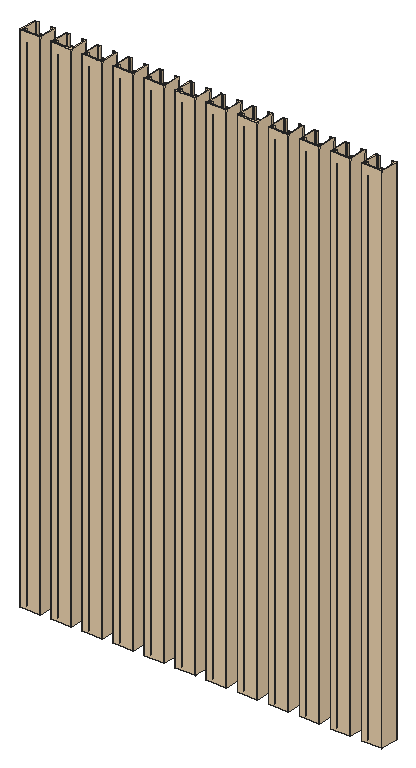
Revit family "Click Beam 20", category Mechanical Equipment, Revit 2017
Family settings
  Round Connector Dimension = Use Diameter
  Part Type = Normal
  Work Plane-Based = No
  Always vertical = Yes
  Cut with Voids When Loaded = No
  Shared = No
  Room Calculation Point = No
Parameters (values of type "Pine")
  URL = "https://gtoaluminum.com/product/click-20/"
  Single = Panel Number = 1  # no
  Panel Number = 12
  Distance between beam = 10 mm
  Array Number = if(Panel Number = 1, 2, Panel Number)  # 12
  Model = "Click 20"
  Manufacturer = "gtoaluminum"
  Height = 500 mm
  Finish = Pine, Scots
  Dimensions = "0.78”W x 0.70”H x 19’L | 0.047” thickness"
  Description = "This profile is ideal for both interior and exterior cladding. Its slim profile gives it a delicate look and feel. It comes in various shades of wood and other colors or can be painted in a custom color. The installation is effortless, and the finishing looks seamless without any noticeable screws or marks."
  Bottom Offset = 0 mm
  Array = not(Single)  # yes
Types (8, lengths in mm): name | Panel Number | Distance between beam | Array Number | Height | Finish | Bottom Offset
  (no name) | 12 | 10 | 12 | 500 | Pine, Scots | 0
  Espresso | 5 | 5 | 5 | 3000 | Espresso | 50
  Oak | 5 | 5 | 5 | 3000 | Wood (Oak) | 50
  Pine | 12 | 10 | 12 | 500 | Pine, Scots | 0
  Gray | 5 | 5 | 5 | 3000 | Gray | 50
  Charcol | 15 | 5 | 15 | 1500 | Charcol | 50
  Matte | 5 | 5 | 5 | 3000 | Matte | 50
  gloss | 5 | 5 | 5 | 3000 | Gloss | 50
Reference planes
  plane 1 "Center (Front/Back)": y = 0
  plane 2: z = 0
  plane 3 "Center (Left/Right)": x = 0
  plane 4: x = 20
  plane 5: x = 30
Dimensions and locks
  equal spacing: group 1, group 2, group 3, group 4, group 5, group 6, group 7, group 8, group 9, group 10, group 11, group 12  (x3)
  locked: plane 3 "Center (Left/Right)" to plane 4 at 20
  "Distance between beam": plane 4 to plane 5
  aligned and locked: level to plane 2
  aligned and locked: plane 3 "Center (Left/Right)" to nested 1
  aligned and locked: plane 3 "Center (Left/Right)" to nested 3
  aligned and locked: plane 5 to nested 2
Nested families
  nested 1: "profile" at (0, 0, 0), visible <- "Array", type "profile"
    with Height 500 mm, Bottom Offset 0 mm
  nested 2: "profile" at (30, 0, 0), visible <- "Array", type "profile"
    with Height 500 mm, Bottom Offset 0 mm
  nested 3: "profile" at (0, 0, 0), visible <- "Single", type "profile"
    with Height 500 mm, Bottom Offset 0 mm
  nested 4: "profile" at (60, 0, 0), visible <- "Array", type "profile"
    with Height 500 mm, Bottom Offset 0 mm
  nested 5: "profile" at (90, 0, 0), visible <- "Array", type "profile"
    with Height 500 mm, Bottom Offset 0 mm
  nested 6: "profile" at (120, 0, 0), visible <- "Array", type "profile"
    with Height 500 mm, Bottom Offset 0 mm
  nested 7: "profile" at (150, 0, 0), visible <- "Array", type "profile"
    with Height 500 mm, Bottom Offset 0 mm
  nested 8: "profile" at (180, 0, 0), visible <- "Array", type "profile"
    with Height 500 mm, Bottom Offset 0 mm
  nested 9: "profile" at (210, 0, 0), visible <- "Array", type "profile"
    with Height 500 mm, Bottom Offset 0 mm
  nested 10: "profile" at (240, 0, 0), visible <- "Array", type "profile"
    with Height 500 mm, Bottom Offset 0 mm
  nested 11: "profile" at (270, 0, 0), visible <- "Array", type "profile"
    with Height 500 mm, Bottom Offset 0 mm
  nested 12: "profile" at (300, 0, 0), visible <- "Array", type "profile"
    with Height 500 mm, Bottom Offset 0 mm
  nested 13: "profile" at (330, 0, 0), visible <- "Array", type "profile"
    with Height 500 mm, Bottom Offset 0 mm
Definition of nested family "profile"
  Parameters (values of type "profile")
    Height = 3000 mm
    Finish = none
    Bottom Offset = 50 mm
  Reference planes
    plane 1 "Center (Front/Back)": y = 0
    plane 2: z = 0
    plane 3 "Center (Left/Right)": x = 0
    plane 4: z = 3000
    plane 5: z = 50
    plane 6: x = 68.857
  Forms (mm)
    Extrusion 1, solid, material <- "Finish"
      sketch origin (0, 3.6, 0) x (1, 0, 0) y (0, 1, 0)
        loop
          arc (0, -3.1) -> (0.146, -3.454) -> (0.5, -3.6) r 0.5
          line (0.5, -3.6) -> (19.5, -3.6)
          arc (19.5, -3.6) -> (19.854, -3.454) -> (20, -3.1) r 0.5
          line (20, -3.1) -> (20, 13.9)
          arc (20, 13.9) -> (19.854, 14.254) -> (19.5, 14.4) r 0.5
          line (19.5, 14.4) -> (16.656, 14.4)
          arc (16.656, 14.4) -> (16.056, 13.8) -> (16.656, 13.2) r 0.6
          line (16.656, 13.2) -> (18.3, 13.2)
          arc (18.3, 13.2) -> (18.654, 13.054) -> (18.8, 12.7) r 0.5
          line (18.8, 12.7) -> (18.8, 1.1)
          arc (18.8, 1.1) -> (18.654, 0.746) -> (18.3, 0.6) r 0.5
          line (18.3, 0.6) -> (16.908, 0.6)
          arc (16.908, 0.6) -> (16.308, 0) -> (16.908, -0.6) r 0.6
          line (16.908, -0.6) -> (18.3, -0.6)
          arc (18.3, -0.6) -> (18.654, -0.746) -> (18.8, -1.1) r 0.5
          line (18.8, -1.1) -> (18.8, -1.9)
          arc (18.8, -1.9) -> (18.654, -2.254) -> (18.3, -2.4) r 0.5
          line (18.3, -2.4) -> (1.7, -2.4)
          arc (1.7, -2.4) -> (1.346, -2.254) -> (1.2, -1.9) r 0.5
          line (1.2, -1.9) -> (1.2, -1.1)
          arc (1.2, -1.1) -> (1.346, -0.746) -> (1.7, -0.6) r 0.5
          line (1.7, -0.6) -> (3.096, -0.6)
          arc (3.096, -0.6) -> (3.696, 0) -> (3.096, 0.6) r 0.6
          line (3.096, 0.6) -> (1.7, 0.6)
          arc (1.7, 0.6) -> (1.346, 0.746) -> (1.2, 1.1) r 0.5
          line (1.2, 1.1) -> (1.2, 12.7)
          arc (1.2, 12.7) -> (1.346, 13.054) -> (1.7, 13.2) r 0.5
          line (1.7, 13.2) -> (3.344, 13.2)
          arc (3.344, 13.2) -> (3.944, 13.8) -> (3.344, 14.4) r 0.6
          line (3.344, 14.4) -> (0.5, 14.4)
          arc (0.5, 14.4) -> (0.146, 14.254) -> (0, 13.9) r 0.5
          line (0, 13.9) -> (0, -3.1)
      from 50 to 3000
  Dimensions and locks
    "Height": plane 4 to plane 2
    "Bottom Offset": plane 5 to level
    aligned and locked: level to plane 2
    aligned and locked: Extrusion 1 to plane 4
    aligned and locked: plane 5 to Extrusion 1
  Automatic sketch dimensions
    Extrusion 1 sketch curve to plane 3 "Center (Left/Right)" = 0 mm
    plane 1 "Center (Front/Back)" to Extrusion 1 sketch curve = 0 mm
    Extrusion 1 sketch curve to Extrusion 1 sketch curve = 0.5 mm  (x7)
    plane 3 "Center (Left/Right)" to Extrusion 1 sketch curve = 0.5 mm
    plane 3 "Center (Left/Right)" to Extrusion 1 sketch curve = 1.2 mm  (x2)
    Extrusion 1 sketch curve to Extrusion 1 sketch curve = 1.396 mm
    Extrusion 1 sketch curve to Extrusion 1 sketch curve = 1.644 mm  (x2)
    Extrusion 1 sketch curve to Extrusion 1 sketch curve = 13.311 mm
    Extrusion 1 sketch curve to plane 1 "Center (Front/Back)" = 4.2 mm
    Extrusion 1 sketch curve to Extrusion 1 sketch curve = 0.252 mm
    Extrusion 1 sketch curve to Extrusion 1 sketch curve = 1.392 mm  (x2)
    Extrusion 1 sketch curve to Extrusion 1 sketch curve = 0 mm
    Extrusion 1 sketch curve to Extrusion 1 sketch curve = 1.2 mm  (x2)
    Extrusion 1 sketch curve to plane 1 "Center (Front/Back)" = 0.5 mm
    Extrusion 1 sketch curve to plane 1 "Center (Front/Back)" = 1.2 mm
    Extrusion 1 sketch curve to Extrusion 1 sketch curve = 0.8 mm  (x2)
    Extrusion 1 sketch curve to Extrusion 1 sketch curve = 0.6 mm  (x3)
    Extrusion 1 sketch curve to Extrusion 1 sketch curve = 11.6 mm  (x2)
